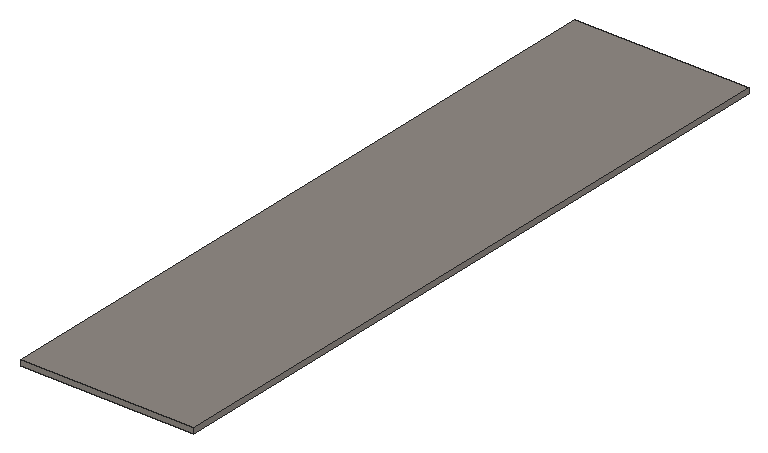
Revit family "Veneer 24x96", category Generic Models, host Face, Revit 2023
Family settings
  Host = Face
  Can host rebar = No
  Round Connector Dimension = Use Diameter
  Part Type = Normal
  Cut with Voids When Loaded = No
  Maintain Annotation Orientation = No
  Shared = No
  Room Calculation Point = No
Parameters (values of type "Wood Veneer - WALNUT")
  Default Elevation = 4' - 0"
  Cambio Material = WF - EASTERN WALNUT
  1/2 Width = 1' - 0"
  1/2 Height = 4' - 0"
Types (3): name | Cambio Material
  Wood Veneer - MAPLE | WF - MAPLE - CLEAR
  Wood Veneer - OAK | WF - OAK
  Wood Veneer - WALNUT | WF - EASTERN WALNUT
Reference planes (in)
  plane 1 "Center (Front/Back)": y = 0
  plane 2: z = 0
  plane 3 "Center (Left/Right)": x = 0
  plane 4: z = 0.75
Forms (in)
  Extrusion 1, solid, material "WF - EASTERN WALNUT" <- "Cambio Material"
    sketch origin (0, 0, 1.5) x (0, -1, 0) y (1, 0, 0)
      loop
        line (-48, -12) -> (48, -12) -> (48, 12) -> (-48, 12) -> (-48, -12)
    from -1.5 to -0.75
Dimensions and locks (in)
  "1/2 Width": Extrusion 1 sketch curve to plane 3 "Center (Left/Right)" to Extrusion 1 sketch curve
  "1/2 Height": Extrusion 1 sketch curve to plane 1 "Center (Front/Back)" to Extrusion 1 sketch curve
  aligned and locked: plane 2 to host face
  aligned and locked: level to host face
Automatic sketch dimensions
  host sketch curve to host sketch curve = 8' - 0"
  host sketch curve to host sketch curve = 9' - 9.36422"
